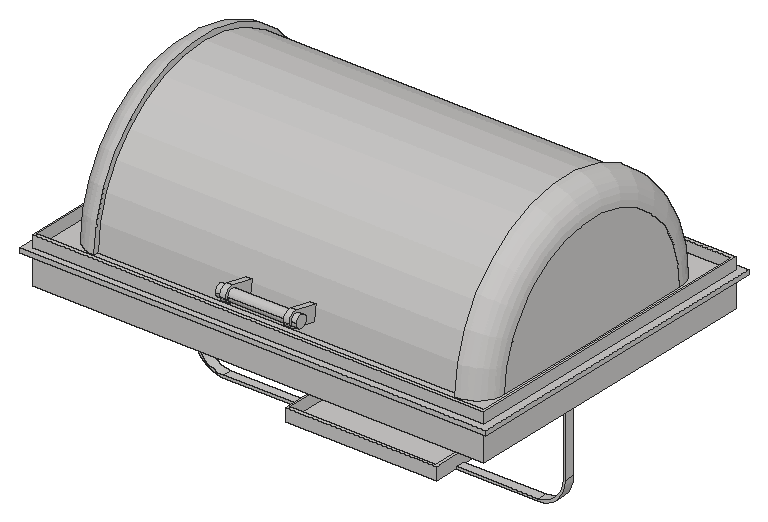
Revit family "QF_Vollrath_DI_46258", category Specialty Equipment, Revit 2016
Family settings
  Part Type = Normal
  Round Connector Dimension = Use Diameter
  OmniClass Number = 23.40.40.14
  OmniClass Title = Food Service Equipment
  Work Plane-Based = No
  Always vertical = Yes
  Cut with Voids When Loaded = No
  Shared = No
  Room Calculation Point = No
Parameters
  Weight in Pounds = 41.92
  Watermarked By = "http://revitwatermark.com"
  URL Cutsheet = ""
  URL = "www.vollrathco.com"
  Status [instance] = ""
  Specification by User [instance] = ""
  Specification by Manufacturer [instance] = ""
  Serial Number [instance] = ""
  Seismic Rating [instance] = ""
  SMACNA No [instance] = ""
  Revision Code [instance] = ""
  NAFEM Spec ID Number [instance] = ""
  Model = "46258"
  Masterspec [instance] = ""
  Manufacturer = "Vollrath"
  Item Number [instance] = "-"
  Installed By [instance] = ""
  Height AFF [instance] = 3' - 0"
  Furnished By [instance] = ""
  Foodservice Equipment Identifier [instance] = yes
  Description = "Drop-In Chafer: New York, New York"
  CSI MasterFormat = "11 40 00"
  Assembly Code = "E1090310"
Reference planes (in)
  plane 1 "BACK": y = 0
  plane 2: z = 0
  plane 3 "LEFT": x = -12
  plane 4 "RIGHT": x = 13.125
  plane 5 "FRONT": y = -17.75
  plane 6 "Table Top": z = 36
  plane 7: z = 36.25
  plane 8: z = 34.375
  plane 9: z = 36.875
  plane 10 "TOP": z = 43.75
  plane 11 "Handle": z = 37.6875
  plane 12: z = 32.875
  plane 13: z = 28.3125
  plane 14 "BOTTOM": z = 27.625
  plane 15: x = -11.625
  plane 16: x = -10.6875
  plane 17: x = -9.4375
  plane 18: x = -9.1875
  plane 19: x = -3.5
  plane 20: x = 12.75
  plane 21: x = 11.8125
  plane 22: x = 10.5625
  plane 23: x = 10.3125
  plane 24: x = 4.625
  plane 25: y = -17.375
  plane 26: y = -16.125
  plane 27: y = -10.4375
  plane 28: y = -9.125
  plane 29: y = -0.375
  plane 30: y = -1.625
  plane 31: y = -7.3125
  plane 32: y = -8.625
  plane 33 "Center LR": y = -8.875
  plane 34 "Center FB": x = 0.5625
Forms (in)
  Extrusion 1, solid, material "QF_Finishes_Stainless Steel"
    sketch origin (0, 0, 36) x (0, 1, 0) y (-1, 0, 0)
      loop
        line (0, 12) -> (-17.75, 12) -> (-17.75, -13.125) -> (0, -13.125) -> (0, 12)
    from 0 to 0.25
  Extrusion 2, solid, material "QF_Finishes_Stainless Steel"
    sketch origin (0, 0, 36) x (0, 1, 0) y (-1, 0, 0)
      loop
        line (-0.375, 11.625) -> (-17.375, 11.625) -> (-17.375, -12.75) -> (-0.375, -12.75) -> (-0.375, 11.625)
      loop
        line (-0.5, 11.5) -> (-17.25, 11.5) -> (-17.25, -12.625) -> (-0.5, -12.625) -> (-0.5, 11.5)
    from 0.25 to 0.875
  Extrusion 3, solid, material "QF_Finishes_Polished Steel"
    sketch origin (-12, 0, 0) x (0, 1, 0) y (0, 0, 1)
      loop
        arc (-1.71258, 36.25) -> (-8.875, 43.41242) -> (-16.03742, 36.25) r 7.16242
        line (-16.03742, 36.25) -> (-1.71258, 36.25)
    from 2.8125 to 22.8125
  Revolve 4, solid, material "QF_Finishes_Polished Steel"
    sketch origin (0, -8.875, 0) x (1, 0, 0) y (0, 0, 1)
      loop
        line (-9.1875, 36.25) -> (-9.1875, 43.66242)
        arc (-9.1875, 43.66242) -> (-10.24816, 43.22308) -> (-10.6875, 42.16242) r 1.5
        line (-10.6875, 42.16242) -> (-10.6875, 36.25) -> (-9.1875, 36.25)
      axis (-10.6875, 36.25) -> (-9.1875, 36.25)
    angle from 90 to -90
  Revolve 5, solid, material "QF_Finishes_Polished Steel"
    sketch origin (1.625, -8.875, 0) x (-1, 0, 0) y (0, 0, 1)
      loop
        line (-8.6875, 36.25) -> (-8.6875, 43.66242)
        arc (-8.6875, 43.66242) -> (-9.74816, 43.22308) -> (-10.1875, 42.16242) r 1.5
        line (-10.1875, 42.16242) -> (-10.1875, 36.25) -> (-8.6875, 36.25)
      axis (-10.1875, 36.25) -> (-8.6875, 36.25)
    angle from 90 to -90
  Extrusion 6, solid, material "QF_Finishes_Stainless Steel"
    sketch origin (0, 0, 36) x (0, 1, 0) y (-1, 0, 0)
      loop
        line (-0.375, 11.625) -> (-17.375, 11.625) -> (-17.375, -12.75) -> (-0.375, -12.75) -> (-0.375, 11.625)
      loop
        line (-0.5, 11.5) -> (-17.25, 11.5) -> (-17.25, -12.625) -> (-0.5, -12.625) -> (-0.5, 11.5)
    from 0 to -1.625
  Extrusion 7, solid, material "QF_Finishes_Stainless Steel"
    sketch origin (-12, 0, 0) x (0, 1, 0) y (0, 0, 1)
      loop
        line (-14.875, 36) -> (-14.875, 33.375)
        arc (-14.875, 33.375) -> (-14.72855, 33.02145) -> (-14.375, 32.875) r 0.5
        line (-14.375, 32.875) -> (-3.875, 32.875)
        arc (-3.875, 32.875) -> (-3.52145, 33.02145) -> (-3.375, 33.375) r 0.5
        line (-3.375, 33.375) -> (-3.375, 36) -> (-14.875, 36)
    from 2.8125 to 22.3125
  Extrusion 8, solid, material "QF_Finishes_Stainless Steel"
    sketch origin (0, 0, 27.625) x (0, 1, 0) y (-1, 0, 0)
      loop
        line (-7.3125, 3.5) -> (-10.4375, 3.5) -> (-10.4375, -4.625) -> (-7.3125, -4.625) -> (-7.3125, 3.5)
      loop
        line (-7.4375, 3.375) -> (-10.3125, 3.375) -> (-10.3125, -4.5) -> (-7.4375, -4.5) -> (-7.4375, 3.375)
    from 0 to 0.6875
  Extrusion 9, solid, material "QF_Finishes_Stainless Steel"
    sketch origin (0, 0, 27.625) x (0, 1, 0) y (-1, 0, 0)
      loop
        line (-7.4375, 3.375) -> (-10.3125, 3.375) -> (-10.3125, -4.5) -> (-7.4375, -4.5) -> (-7.4375, 3.375)
    from 0 to 0.125
  Extrusion 10, solid, material "QF_Finishes_Stainless Steel"
    sketch origin (0, -8.875, 0) x (1, 0, 0) y (0, 0, 1)
      loop
        line (-9.4375, 34.375) -> (-9.4375, 29.125)
        arc (-9.4375, 29.125) -> (-8.99816, 28.06434) -> (-7.9375, 27.625) r 1.5
        line (-7.9375, 27.625) -> (-3.5, 27.625) -> (-3.5, 27.75) -> (-7.9375, 27.75)
        arc (-7.9375, 27.75) -> (-8.90977, 28.15273) -> (-9.3125, 29.125) r 1.375
        line (-9.3125, 29.125) -> (-9.3125, 34.375) -> (-9.4375, 34.375)
      loop
        line (4.625, 27.625) -> (9.0625, 27.625)
        arc (9.0625, 27.625) -> (10.12316, 28.06434) -> (10.5625, 29.125) r 1.5
        line (10.5625, 29.125) -> (10.5625, 34.375) -> (10.4375, 34.375) -> (10.4375, 29.125)
        arc (10.4375, 29.125) -> (10.03477, 28.15273) -> (9.0625, 27.75) r 1.375
        line (9.0625, 27.75) -> (4.625, 27.75) -> (4.625, 27.625)
    from -0.25 to 0.25
  Extrusion 11, solid, material "QF_Finishes_Polished Steel"
    sketch origin (0.5625, 0, 0) x (0, 1, 0) y (0, 0, 1)
      loop
        line (-15.87286, 37.80323) -> (-17.13804, 38.04916)
        arc (-17.13804, 38.04916) -> (-17.61434, 37.72789) -> (-17.29307, 37.25159) r 0.40625
        line (-17.29307, 37.25159) -> (-16.00381, 37.00012)
        arc (-16.00381, 37.00012) -> (-15.94974, 37.40353) -> (-15.87286, 37.80323) r 7.16817
      loop
        circle (-17.21555, 37.65037) r 0.3125
    from 1.5625 to 1.875
  Extrusion 12, solid, material "QF_Finishes_Polished Steel"
    sketch origin (0.5625, 0, 0) x (0, 1, 0) y (0, 0, 1)
      loop
        line (-15.87286, 37.80323) -> (-17.13804, 38.04916)
        arc (-17.13804, 38.04916) -> (-17.61434, 37.72789) -> (-17.29307, 37.25159) r 0.40625
        line (-17.29307, 37.25159) -> (-16.00381, 37.00012)
        arc (-16.00381, 37.00012) -> (-15.94974, 37.40353) -> (-15.87286, 37.80323) r 7.16817
      loop
        circle (-17.21555, 37.65037) r 0.3125
    from -1.5625 to -1.875
  Extrusion 13, solid, material "QF_Finishes_Polished Steel"
    sketch origin (0.5625, 0, 0) x (0, 1, 0) y (0, 0, 1)
      loop
        circle (-17.21555, 37.65037) r 0.3125
    from -2.1875 to 2.1875
Lines and regions (in)
  symbolic lines
    curve 1: line (13.125, 0, 27.625) -> (-12, 0, 27.625)
    curve 2: line (-12, 0, 27.625) -> (-12, -17.75, 27.625)
    curve 3: line (13.125, -17.75, 27.625) -> (13.125, 0, 27.625)
    curve 4: line (-12, -17.75, 27.625) -> (13.125, -17.75, 27.625)
    curve 5: line (12.75, -0.375, 27.625) -> (-11.625, -0.375, 27.625)
    curve 6: line (-11.625, -0.375, 27.625) -> (-11.625, -17.375, 27.625)
    curve 7: line (-11.625, -17.375, 27.625) -> (-1.625, -17.375, 27.625)
    curve 8: line (12.75, -17.375, 27.625) -> (12.75, -0.375, 27.625)
    curve 9: arc (10.3125, -1.71258, 27.625) -> (11.37316, -2.15192, 27.625) -> (11.8125, -3.21258, 27.625) r 1.5
    curve 10: line (-9.1875, -1.71258, 27.625) -> (10.3125, -1.71258, 27.625)
    curve 11: line (11.8125, -3.21258, 27.625) -> (11.8125, -14.53742, 27.625)
    curve 12: arc (11.8125, -14.53742, 27.625) -> (11.37316, -15.59808, 27.625) -> (10.3125, -16.03742, 27.625) r 1.5
    curve 13: line (10.3125, -16.03742, 27.625) -> (-9.1875, -16.03742, 27.625)
    curve 14: arc (-9.1875, -16.03742, 27.625) -> (-10.24816, -15.59808, 27.625) -> (-10.6875, -14.53742, 27.625) r 1.5
    curve 15: line (-10.6875, -3.21258, 27.625) -> (-10.6875, -14.53742, 27.625)
    curve 16: arc (-10.6875, -3.21258, 27.625) -> (-10.24816, -2.15192, 27.625) -> (-9.1875, -1.71258, 27.625) r 1.5
    curve 17: line (-1.3125, -16.03742, 27.625) -> (-1.3125, -17.6218, 27.625)
    curve 18: line (-1, -17.6218, 27.625) -> (-1, -16.03742, 27.625)
    curve 19: line (1.875, -16.03742, 27.625) -> (1.875, -17.6218, 27.625)
    curve 20: line (2.1875, -17.6218, 27.625) -> (2.1875, -16.03742, 27.625)
    curve 21: line (2.5, -17.52805, 27.625) -> (2.5, -16.90305, 27.625)
    curve 22: line (-1.625, -16.90305, 27.625) -> (-1.625, -17.52805, 27.625)
    curve 23: line (-1.625, -16.90305, 27.625) -> (-1.3125, -16.90305, 27.625)
    curve 24: line (-1, -16.90305, 27.625) -> (1.875, -16.90305, 27.625)
    curve 25: line (2.1875, -16.90305, 27.625) -> (2.5, -16.90305, 27.625)
    curve 26: line (2.5, -17.52805, 27.625) -> (2.1875, -17.52805, 27.625)
    curve 27: line (2.1875, -17.6218, 27.625) -> (1.875, -17.6218, 27.625)
    curve 28: line (1.875, -17.52805, 27.625) -> (-1, -17.52805, 27.625)
    curve 29: line (-1.3125, -17.52805, 27.625) -> (-1.625, -17.52805, 27.625)
    curve 30: line (-1.3125, -17.6218, 27.625) -> (-1, -17.6218, 27.625)
    curve 31: line (2.5, -17.375, 27.625) -> (12.75, -17.375, 27.625)
Dimensions and locks (in)
  locked: plane 5 "FRONT" to plane 1 "BACK" at 17.75
  locked: plane 3 "LEFT" to plane 4 "RIGHT" at 25.125
  "Height AFF": plane 6 "Table Top" to plane 2
  locked: plane 7 to plane 6 "Table Top" at 0.25
  locked: plane 6 "Table Top" to plane 8 at 1.625
  locked: plane 9 to plane 7 at 0.625
  locked: plane 10 "TOP" to plane 6 "Table Top" at 7.75
  locked: plane 11 "Handle" to plane 6 "Table Top" at 1.6875
  locked: plane 6 "Table Top" to plane 12 at 3.125
  locked: plane 13 to plane 14 "BOTTOM" at 0.6875
  locked: plane 6 "Table Top" to plane 14 "BOTTOM" at 8.375
  locked: plane 3 "LEFT" to plane 16 at 1.3125
  locked: plane 3 "LEFT" to plane 15 at 0.375
  plane 3 "LEFT" to plane 17 = 0' - 2 9/16"
  plane 3 "LEFT" to plane 18 = 0' - 2 13/16"
  locked: plane 3 "LEFT" to plane 19 at 8.5
  locked: plane 20 to plane 4 "RIGHT" at 0.375
  locked: plane 21 to plane 4 "RIGHT" at 1.3125
  locked: plane 22 to plane 4 "RIGHT" at 2.5625
  locked: plane 23 to plane 4 "RIGHT" at 2.8125
  locked: plane 24 to plane 4 "RIGHT" at 8.5
  locked: plane 28 to plane 5 "FRONT" at 8.625
  locked: plane 5 "FRONT" to plane 27 at 7.3125
  locked: plane 5 "FRONT" to plane 26 at 1.625
  locked: plane 5 "FRONT" to plane 25 at 0.375
  locked: plane 32 to plane 1 "BACK" at 8.625
  locked: plane 31 to plane 1 "BACK" at 7.3125
  locked: plane 30 to plane 1 "BACK" at 1.625
  locked: plane 29 to plane 1 "BACK" at 0.375
  equal spacing: plane 5 "FRONT", plane 33 "Center LR", plane 1 "BACK"
  equal spacing: plane 3 "LEFT", plane 34 "Center FB", plane 4 "RIGHT"
  aligned and locked: level to plane 2
  aligned and locked: plane 1 "BACK" to Extrusion 1 sketch curve
  aligned and locked: plane 3 "LEFT" to Extrusion 1 sketch curve
  aligned and locked: Extrusion 1 sketch curve to plane 5 "FRONT"
  aligned and locked: Extrusion 1 sketch curve to plane 4 "RIGHT"
  aligned and locked: plane 7 to Extrusion 1
  aligned and locked: plane 29 to Extrusion 2 sketch curve
  aligned and locked: plane 15 to Extrusion 2 sketch curve
  aligned and locked: plane 25 to Extrusion 2 sketch curve
  aligned and locked: plane 20 to Extrusion 2 sketch curve
  aligned and locked: plane 9 to Extrusion 2
  aligned and locked: Extrusion 2 to plane 7
  aligned: plane 16 to Extrusion 3
  aligned: plane 21 to Extrusion 3
  aligned: plane 18 to Extrusion 3
  aligned: plane 23 to Extrusion 3
  aligned and locked: plane 29 to Extrusion 6 sketch curve
  aligned and locked: plane 15 to Extrusion 6 sketch curve
  aligned and locked: plane 25 to Extrusion 6 sketch curve
  aligned and locked: plane 20 to Extrusion 6 sketch curve
  aligned and locked: Extrusion 6 to plane 8
  aligned and locked: Extrusion 7 sketch curve to plane 6 "Table Top"
  aligned and locked: Extrusion 7 sketch curve to plane 12
  aligned and locked: plane 18 to Extrusion 7
  aligned and locked: plane 23 to Extrusion 7
  aligned and locked: plane 31 to Extrusion 8 sketch curve
  aligned and locked: Extrusion 8 sketch curve to plane 19
  aligned and locked: plane 27 to Extrusion 8 sketch curve
  aligned and locked: Extrusion 8 sketch curve to plane 24
  aligned and locked: plane 13 to Extrusion 8
  aligned and locked: plane 17 to Extrusion 10 sketch curve
  aligned and locked: Extrusion 10 sketch curve to plane 14 "BOTTOM"  (x2)
  aligned and locked: plane 22 to Extrusion 10 sketch curve
  aligned and locked: Extrusion 10 sketch curve to plane 8
  aligned and locked: plane 8 to Extrusion 10 sketch curve
  aligned and locked: plane 19 to Extrusion 10 sketch curve
  aligned and locked: Extrusion 10 sketch curve to plane 24
  aligned and locked: Extrusion 10 to plane 28
  aligned and locked: Extrusion 10 to plane 32
Automatic sketch dimensions
  Extrusion 3 sketch curve to plane 7 = 0' - 0"
  Extrusion 3 sketch curve to plane 33 "Center LR" = 0' - 0"
  plane 26 to Extrusion 3 sketch curve = 0' - 0.08758"
  Revolve 4 sketch curve to plane 7 = 0' - 0"  (x2)
  plane 16 to Revolve 4 sketch curve = 0' - 0"
  plane 18 to Revolve 4 sketch curve = 0' - 0"
  Revolve 4 sketch curve to plane 3 "LEFT" = 7' - 7.07038"
  plane 4 "RIGHT" to Revolve 4 sketch curve = 7' - 2.25085"
  Revolve 4 sketch curve to plane 10 "TOP" = 0' - 1.58758"
  Revolve 5 sketch curve to plane 7 = 0' - 0"  (x2)
  Revolve 5 sketch curve to plane 21 = 0' - 0"
  Revolve 5 sketch curve to plane 23 = 0' - 0"
  Revolve 5 sketch curve to plane 4 "RIGHT" = 7' - 7.07038"
  plane 3 "LEFT" to Revolve 5 sketch curve = 7' - 2.25085"
  plane 10 "TOP" to Revolve 5 sketch curve = 0' - 1.58758"
  plane 26 to Extrusion 7 sketch curve = 0' - 1 1/4"
  Extrusion 7 sketch curve to Extrusion 7 sketch curve = 0' - 0 1/2"
  plane 30 to Extrusion 7 sketch curve = 0' - 2 1/4"
  plane 30 to Extrusion 7 sketch curve = 0' - 1 3/4"
  plane 27 to Extrusion 8 sketch curve = 0' - 0 1/8"
  plane 31 to Extrusion 8 sketch curve = 0' - 0 1/8"
  Extrusion 8 sketch curve to plane 24 = 0' - 0 1/8"
  Extrusion 8 sketch curve to plane 19 = 0' - 0 1/8"
  plane 27 to Extrusion 9 sketch curve = 0' - 0 1/8"
  plane 31 to Extrusion 9 sketch curve = 0' - 0 1/8"
  Extrusion 9 sketch curve to plane 24 = 0' - 0 1/8"
  Extrusion 9 sketch curve to plane 19 = 0' - 0 1/8"
  Extrusion 10 sketch curve to Extrusion 10 sketch curve = 0' - 0"  (x4)
  Extrusion 10 sketch curve to plane 17 = 0' - 0 1/8"
  Extrusion 10 sketch curve to plane 18 = 0' - 1 1/4"
  plane 13 to Extrusion 10 sketch curve = 0' - 0 13/16"
  Extrusion 10 sketch curve to plane 22 = 0' - 0 1/8"
  Extrusion 11 sketch curve to Extrusion 11 sketch curve = 0' - 0"  (x2)
  Extrusion 11 sketch curve to plane 7 = 0' - 0"
  Extrusion 11 sketch curve to plane 33 "Center LR" = 0' - 0"
  plane 11 "Handle" to Extrusion 11 sketch curve = 0' - 0.11573"
  plane 26 to Extrusion 11 sketch curve = 0' - 0.25214"
  plane 9 to Extrusion 11 sketch curve = 0' - 0.12512"
  plane 25 to Extrusion 11 sketch curve = 0' - 0.23696"
  Extrusion 11 sketch curve to plane 11 "Handle" = 0' - 0.03713"
  plane 25 to Extrusion 11 sketch curve = 0' - 0.15945"
  plane 25 to Extrusion 11 sketch curve = 0' - 0.08193"
  plane 9 to Extrusion 11 sketch curve = 0' - 0.37659"
  Extrusion 12 sketch curve to Extrusion 12 sketch curve = 0' - 0"  (x2)
  Extrusion 12 sketch curve to plane 7 = 0' - 0"
  Extrusion 12 sketch curve to plane 33 "Center LR" = 0' - 0"
  plane 11 "Handle" to Extrusion 12 sketch curve = 0' - 0.11573"
  plane 26 to Extrusion 12 sketch curve = 0' - 0.25214"
  plane 9 to Extrusion 12 sketch curve = 0' - 0.12512"
  plane 25 to Extrusion 12 sketch curve = 0' - 0.23696"
  Extrusion 12 sketch curve to plane 11 "Handle" = 0' - 0.03713"
  plane 25 to Extrusion 12 sketch curve = 0' - 0.15945"
  plane 25 to Extrusion 12 sketch curve = 0' - 0.08193"
  plane 9 to Extrusion 12 sketch curve = 0' - 0.37659"
  Extrusion 13 sketch curve to plane 11 "Handle" = 0' - 0.03713"
  plane 25 to Extrusion 13 sketch curve = 0' - 0.15945"
  plane 29 to Extrusion 2 sketch curve = 0' - 0 1/8"
  plane 25 to Extrusion 2 sketch curve = 0' - 0 1/8"
  plane 29 to Extrusion 6 sketch curve = 0' - 0 1/8"
  plane 25 to Extrusion 6 sketch curve = 0' - 0 1/8"
  plane 20 to Extrusion 2 sketch curve = 0' - 0 1/8"
  plane 20 to Extrusion 6 sketch curve = 0' - 0 1/8"
  plane 15 to Extrusion 2 sketch curve = 0' - 0 1/8"
  curve 4 to plane 3 "LEFT" = 0' - 0"
  plane 5 "FRONT" to curve 4 = 0' - 0"
  curve 31 to plane 20 = 0' - 0"
  curve 31 to plane 25 = 0' - 0"
  curve 7 to plane 15 = 0' - 0"
  curve 7 to plane 25 = 0' - 0"
  curve 13 to plane 18 = 0' - 0"
  curve 13 to plane 23 = 0' - 0"
  curve 15 to plane 16 = 0' - 0"
  curve 11 to plane 21 = 0' - 0"
  curve 16 to plane 18 = 0' - 0"
  curve 9 to plane 23 = 0' - 0"
  plane 29 to curve 8 = 0' - 0"
  plane 1 "BACK" to curve 2 = 0' - 0"
  curve 4 to plane 4 "RIGHT" = 0' - 0"
  curve 30 to plane 5 "FRONT" = 0' - 0.1282"
  curve 27 to plane 5 "FRONT" = 0' - 0.1282"
  curve 29 to plane 25 = 0' - 0.15305"
  curve 21 to plane 25 = 0' - 0.15305"
  curve 19 to curve 28 = 0' - 0 3/32"
  curve 31 to curve 25 = 0' - 0.47195"
  curve 7 to curve 23 = 0' - 0.47195"
  curve 23 to curve 24 = 0' - 0"
  plane 26 to curve 13 = 0' - 0.08758"
  plane 30 to curve 16 = 0' - 1.58758"
  curve 21 to plane 24 = 0' - 2 1/8"
  curve 21 to curve 25 = 0' - 0 5/16"
  curve 25 to curve 24 = 0' - 0 5/16"
  curve 18 to plane 34 "Center FB" = 0' - 1 9/16"
  curve 18 to curve 30 = 0' - 0 5/16"
  curve 29 to curve 7 = 0' - 0 5/16"
  plane 15 to Extrusion 6 sketch curve = 0' - 0 1/8"
  radius of Extrusion 11 sketch curve = 0' - 0 5/16"
  radius of Extrusion 12 sketch curve = 0' - 0 5/16"
  radius of Extrusion 13 sketch curve = 0' - 0 5/16"
